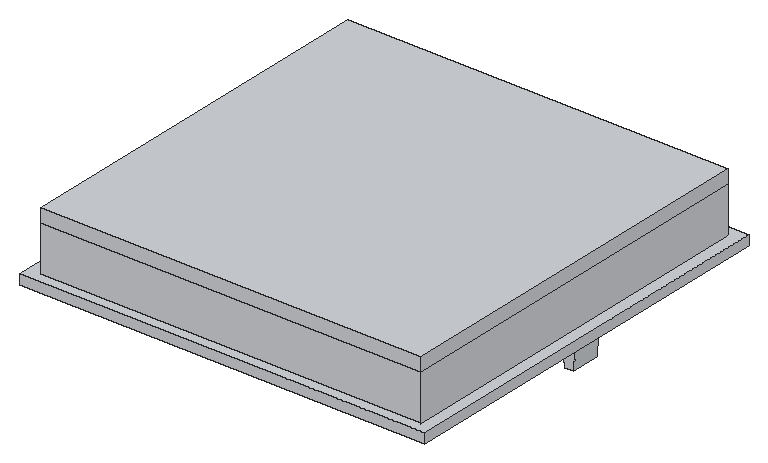
Revit family "Gira_029667", category Electrical Fixtures, host Face, Revit 2017
Family settings
  Host = Face
  Maintain Annotation Orientation = No
  Round Connector Dimension = Use Diameter
  Part Type = Normal
  Cut with Voids When Loaded = No
  Shared = No
  Room Calculation Point = No
Parameters (values of type "Wippe Gira TX_44 (WG UP) Anthrazit")
  Werkstoffgüte = "sonstige"
  Werkstoff = "Kunststoff"
  Verwendung = "Schalter/Taster"
  URL = "http://katalog.gira.de/de_DE/datenblatt.html?artikelnr=029667"
  Region = "DE"
  Oberfläche = "sonstige"
  Name = "Wippe Gira TX_44 (WG UP) Anthrazit"
  Mit austauschbarer Linse/Symbol = "No"
  Mit Beschriftungsfeld = "No"
  Manufacturer URL = "https://www.gira.de/"
  Kontrollfenster/Lichtauslass = "No"
  Keynote = "TX44_Abdeckung_Schalten und Tasten"
  HeinzeBIM = "https://bimportal.heinze.de/bim/wippe-gira-tx-44-wg-up-anthrazit/4f7b0d5e566c52b521466f70a738fc5540df669a"
  Halogenfrei = "Yes"
  HAN = "029667"
  Geeignet für Schutzart (IP) = "IP44"
  Geeignet für Bussystem-Tasterankopplung = "Yes"
  GTIN = "4010337296676"
  Farbe = "anthrazit"
  Default Elevation = 1219.2 mm
  Data sheet (1) = "https://katalog.gira.de/de_DE/download.html?artikelnr=029667"
  Category = "Abdeckung/Bedienelement für Installationsschalterprogramme"
  Befestigungsart = "Klemmbefestigung"
  Available = "Yes"
  Ausführung = "einteilige Wippe"
  Aufdruck/Kennzeichnung = "ohne Aufdruck"
  Abtastbares Symbol/barrierefrei = "No"
Reference planes
  plane 1 "Center (Front/Back)": y = 0
  plane 2: z = 0
  plane 3 "Center (Left/Right)": x = 0
Forms (mm)
  Extrusion 1, solid, detail levels fine
    sketch origin (0, 0, 0) x (1, 0, 0) y (0, 1, 0)
      loop
        line (34.85, 34.85) -> (-34.85, 34.85) -> (-34.85, -34.85) -> (34.85, -34.85) -> (34.85, 34.85)
      loop
        line (-31.45, 31.8) -> (-31.45, -31.8) -> (31.45, -31.8) -> (31.45, 31.8) -> (-31.45, 31.8)
    from 0 to 1.7
  Extrusion 2, solid, detail levels fine
    sketch origin (0, 0, 0) x (1, 0, 0) y (0, 1, 0)
      loop
        line (32.8, 33.05) -> (-32.8, 33.05) -> (-32.8, -33.05) -> (32.8, -33.05) -> (32.8, 33.05)
      loop
        line (-31.45, 31.8) -> (-31.45, -31.8) -> (31.45, -31.8) -> (31.45, 31.8) -> (-31.45, 31.8)
    from 1.566 to 9.515
  Extrusion 3, solid, detail levels fine
    sketch origin (0, 0, 0) x (1, 0, 0) y (0, 1, 0)
      loop
        line (32.8, 33.05) -> (-32.8, 33.05) -> (-32.8, -33.05) -> (32.8, -33.05) -> (32.8, 33.05)
    from 9.515 to 11.816
  Extrusion 4, solid, detail levels fine
    sketch origin (0, 0, 0) x (1, 0, 0) y (0, 0, 1)
      loop
        line (-32.815, 0) -> (-34.827, 0) -> (-34.611, -3.084) -> (-33.031, -3.084) -> (-32.815, 0)
      loop
        line (32.815, 0) -> (33.031, -3.084) -> (34.611, -3.084) -> (34.827, 0) -> (32.815, 0)
    from -2.513 to 2.5
  Extrusion 5, solid, detail levels fine
    sketch origin (0, 0, 0) x (1, 0, 0) y (0, 1, 0)
      loop
        spline (-23.686, 23.152) -> (-23.856, 23.114) -> (-24.022, 23.062) -> (-24.184, 22.995) -> (-24.338, 22.915) -> (-24.486, 22.821) -> (-24.624, 22.715) -> (-24.753, 22.597) -> (-24.87, 22.468) -> (-24.977, 22.33) -> (-25.07, 22.183) -> (-25.151, 22.028) -> (-25.218, 21.867)
        line (-25.218, 21.867) -> (-29.35, 10.513) -> (-29.35, -10.487) -> (-25.218, -21.841)
        spline (-25.218, -21.841) -> (-25.151, -22.002) -> (-25.07, -22.156) -> (-24.977, -22.304) -> (-24.87, -22.442) -> (-24.753, -22.571) -> (-24.624, -22.688) -> (-24.486, -22.795) -> (-24.338, -22.888) -> (-24.184, -22.969) -> (-24.022, -23.036) -> (-23.856, -23.088) -> (-23.686, -23.126)
        line (-23.686, -23.126) -> (0, -27.302) -> (23.686, -23.126)
        spline (23.686, -23.126) -> (23.856, -23.088) -> (24.022, -23.036) -> (24.184, -22.969) -> (24.338, -22.888) -> (24.486, -22.795) -> (24.624, -22.688) -> (24.753, -22.571) -> (24.87, -22.442) -> (24.977, -22.304) -> (25.07, -22.156) -> (25.151, -22.002) -> (25.218, -21.841)
        line (25.218, -21.841) -> (29.35, -10.487) -> (29.35, 10.513) -> (25.218, 21.867)
        spline (25.218, 21.867) -> (25.151, 22.028) -> (25.07, 22.183) -> (24.977, 22.33) -> (24.87, 22.468) -> (24.753, 22.597) -> (24.624, 22.715) -> (24.486, 22.821) -> (24.338, 22.915) -> (24.184, 22.995) -> (24.022, 23.062) -> (23.856, 23.114) -> (23.686, 23.152)
        line (23.686, 23.152) -> (0, 27.328) -> (-23.686, 23.152)
      loop
        line (-24.278, 21.525) -> (-28.35, 10.337) -> (-28.35, -10.311) -> (-24.278, -21.498)
        spline (-24.278, -21.498) -> (-24.245, -21.579) -> (-24.204, -21.656) -> (-24.157, -21.73) -> (-24.104, -21.799) -> (-24.045, -21.863) -> (-23.981, -21.922) -> (-23.912, -21.976) -> (-23.838, -22.022) -> (-23.761, -22.063) -> (-23.68, -22.096) -> (-23.597, -22.122) -> (-23.512, -22.141)
        line (-23.512, -22.141) -> (0, -26.287) -> (23.512, -22.141)
        spline (23.512, -22.141) -> (23.597, -22.122) -> (23.68, -22.096) -> (23.761, -22.063) -> (23.838, -22.022) -> (23.912, -21.976) -> (23.981, -21.922) -> (24.045, -21.863) -> (24.104, -21.799) -> (24.157, -21.73) -> (24.204, -21.656) -> (24.245, -21.579) -> (24.278, -21.498)
        line (24.278, -21.498) -> (28.35, -10.311) -> (28.35, 10.337) -> (24.278, 21.525)
        spline (24.278, 21.525) -> (24.245, 21.605) -> (24.204, 21.683) -> (24.157, 21.756) -> (24.104, 21.825) -> (24.045, 21.89) -> (23.981, 21.949) -> (23.912, 22.002) -> (23.838, 22.048) -> (23.761, 22.089) -> (23.68, 22.122) -> (23.597, 22.148) -> (23.512, 22.167)
        line (23.512, 22.167) -> (0, 26.313) -> (-23.512, 22.167)
        spline (-23.512, 22.167) -> (-23.597, 22.148) -> (-23.68, 22.122) -> (-23.761, 22.089) -> (-23.838, 22.048) -> (-23.912, 22.002) -> (-23.981, 21.949) -> (-24.045, 21.89) -> (-24.104, 21.825) -> (-24.157, 21.756) -> (-24.204, 21.683) -> (-24.245, 21.605) -> (-24.278, 21.525)
    from 4.866 to 9.515
  Extrusion 6, solid, detail levels fine
    sketch origin (0, 0, 0) x (1, 0, 0) y (0, 1, 0)
      loop
        arc (0, 8.51) -> (-1.055, 8.223) -> (-1.717, 7.352) r 1.7
        line (-1.717, 7.352) -> (-2.205, 5.894) -> (-2.205, 4.213) -> (-4.36, 4.213)
        arc (-4.36, 4.213) -> (-4.865, 4.091) -> (-5.257, 3.75) r 1.1
        arc (-5.257, 3.75) -> (-6.02, 2.328) -> (-6.406, 0.761) r 6.45
        arc (-6.406, 0.761) -> (-6.7, 0.013) -> (-6.406, -0.735) r 1.1
        arc (-6.406, -0.735) -> (-6.02, -2.302) -> (-5.257, -3.724) r 6.45
        arc (-5.257, -3.724) -> (-4.865, -4.064) -> (-4.36, -4.187) r 1.1
        line (-4.36, -4.187) -> (-2.1, -4.187) -> (-2.1, -5.243)
        arc (-2.1, -5.243) -> (-1.847, -5.944) -> (-1.206, -6.323) r 1.1
        arc (-1.206, -6.323) -> (0, -6.437) -> (1.206, -6.323) r 6.45
        arc (1.206, -6.323) -> (1.847, -5.944) -> (2.1, -5.243) r 1.1
        line (2.1, -5.243) -> (2.1, -4.187) -> (4.36, -4.187)
        arc (4.36, -4.187) -> (4.865, -4.064) -> (5.257, -3.724) r 1.1
        arc (5.257, -3.724) -> (6.02, -2.302) -> (6.406, -0.735) r 6.45
        arc (6.406, -0.735) -> (6.7, 0.013) -> (6.406, 0.761) r 1.1
        arc (6.406, 0.761) -> (6.02, 2.328) -> (5.257, 3.75) r 6.45
        arc (5.257, 3.75) -> (4.865, 4.091) -> (4.36, 4.213) r 1.1
        line (4.36, 4.213) -> (2.205, 4.213) -> (2.205, 5.894) -> (1.717, 7.352)
        arc (1.717, 7.352) -> (1.055, 8.223) -> (0, 8.51) r 1.7
    from -6.834 to 9.515
  Extrusion 7, solid, detail levels coarse
    sketch origin (0, 0, 0) x (1, 0, 0) y (0, 1, 0)
      loop
        line (34.85, 34.85) -> (-34.85, 34.85) -> (-34.85, -34.85) -> (34.85, -34.85) -> (34.85, 34.85)
    from -6.834 to 11.816
  Extrusion 8, solid, detail levels medium
    sketch origin (0, 0, 0) x (1, 0, 0) y (0, 1, 0)
      loop
        line (32.8, 33.05) -> (-32.8, 33.05) -> (-32.8, -33.05) -> (32.8, -33.05) -> (32.8, 33.05)
    from 1.566 to 11.816
  Extrusion 9, solid, detail levels medium
    sketch origin (0, 0, 0) x (1, 0, 0) y (0, 1, 0)
      loop
        line (34.85, 34.85) -> (-34.85, 34.85) -> (-34.85, -34.85) -> (34.85, -34.85) -> (34.85, 34.85)
    from 0 to 1.7
  Extrusion 10, solid, detail levels medium
    sketch origin (0, 0, 0) x (1, 0, 0) y (0, 1, 0)
      loop
        circle (0, 1.036) r 7.473
    from -6.834 to 9.515
  Extrusion 11, solid, detail levels medium
    sketch origin (0, 0, 0) x (1, 0, 0) y (0, 0, 1)
      loop
        line (-32.815, -3.084) -> (-32.815, 0) -> (-34.827, 0) -> (-34.827, -3.084) -> (-32.815, -3.084)
      loop
        line (32.815, -3.084) -> (34.827, -3.084) -> (34.827, 0) -> (32.815, 0) -> (32.815, -3.084)
    from -2.513 to 2.5
Dimensions and locks
  aligned and locked: plane 2 to host face
  aligned and locked: level to host face
